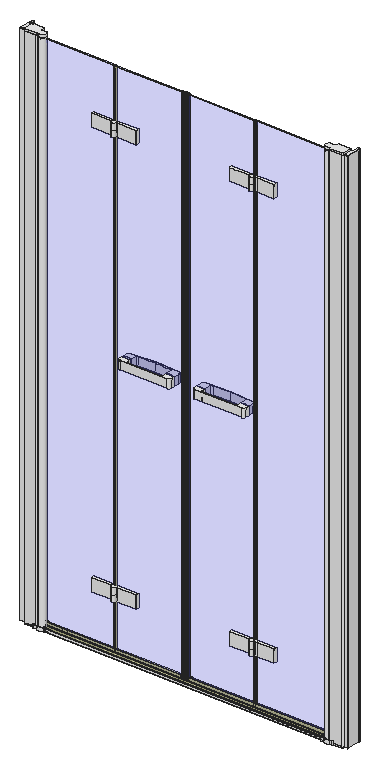
Revit family "SLF2", category Plumbing Fixtures, Revit 2015 (continued)
Automatic sketch dimensions
  Sweep 16 sketch curve to Sweep 16 sketch curve = 0.208 mm
  Sweep 16 sketch curve to Sweep 16 sketch curve = 0.836 mm
  Sweep 16 sketch curve to Sweep 16 sketch curve = 0.488 mm
  Sweep 16 sketch curve to Sweep 16 sketch curve = 0.362 mm
  Sweep 16 sketch curve to Sweep 16 sketch curve = 2.019 mm
  Sweep 16 sketch curve to Sweep 16 sketch curve = 0.053 mm
  Sweep 16 sketch curve to Sweep 16 sketch curve = 4.06 mm
  Sweep 16 sketch curve to Sweep 16 sketch curve = 0.003 mm
  Sweep 16 sketch curve to Sweep 16 sketch curve = 0.097 mm
  Sweep 16 sketch curve to Sweep 16 sketch curve = 0.236 mm
  Sweep 16 sketch curve to Sweep 16 sketch curve = 0.671 mm
  Sweep 16 sketch curve to Sweep 16 sketch curve = 1.008 mm
  Sweep 16 sketch curve to Sweep 16 sketch curve = 1.18 mm
  Sweep 16 sketch curve to Sweep 16 sketch curve = 0.32 mm
  Extrusion 19 sketch curve to plane 20 = 0 mm
  Extrusion 19 sketch curve to plane 22 = 249.88 mm
  Extrusion 19 sketch curve to plane 9 = 275.724 mm
  plane 13 to Extrusion 19 sketch curve = 0.761 mm
  Extrusion 19 sketch curve to plane 1 "Center (Front/Back)" = 21.9 mm  (x2)
  Extrusion 19 sketch curve to Extrusion 19 sketch curve = 6 mm  (x2)
  plane 20 to Extrusion 20 sketch curve = 272.261 mm
  Extrusion 20 sketch curve to plane 13 = 249.53 mm
  Extrusion 20 sketch curve to Extrusion 20 sketch curve = 6 mm
  Extrusion 20 sketch curve to plane 1 "Center (Front/Back)" = 21.9 mm
Nested families
  nested 1: "doorknob" at (-736.895, 18.9, 993), type "doorknob"
  nested 2: "left support" at (-1106.4, 3.2, 0), type "left support"
  nested 3: "button" at (-1138.856, 36.255, 97) x (0, 1, 0) z (0, 0, 1), type "button"
  nested 4: "button" at (-1138.856, 36.255, 1845.98) x (0, 1, 0) z (0, 0, 1), type "button"
  nested 5: "left support" at (-93.527, 3.142, 0) x (-1, 0, 0) z (0, 0, 1), type "left support"
  nested 6: "button" at (-51.5, 36.255, 97) x (0, 1, 0) z (0, 0, 1), type "button"
  nested 7: "button" at (-51.5, 36.255, 1845.98) x (0, 1, 0) z (0, 0, 1), type "button"
  nested 8: "doorknob" at (-463.679, 18.9, 993) x (-1, 0, 0) z (0, 0, 1), type "doorknob"
  nested 9: "button" at (-61.096, 36.255, 1854) x (0, 1, 0) z (0, 0, 1), type "button"
  nested 10: "button" at (-61.096, 36.255, 105) x (0, 1, 0) z (0, 0, 1), type "button"
  nested 11: "hinge" at (-853.175, 4.567, 193), type "hinge"
  nested 12: "hinge" at (-853.175, 4.567, 1716.239), type "hinge"
  nested 13: "hinge" at (-348.347, 4.567, 1716.239), type "hinge"
  nested 14: "hinge" at (-348.347, 4.4, 193.3), type "hinge"
Definition of nested family "doorknob"
  Parameters (values of type "doorknob")
    Material = none
  Reference planes
    plane 1 "Center (Front/Back)": y = 0
    plane 2: z = 0
    plane 3 "Center (Left/Right)": x = 0
  Forms (mm)
    Extrusion 1, solid, material <- "Material"
      sketch origin (0, 0, 0) x (1, 0, 0) y (0, 1, 0)
        loop
          line (-95.004, 18.555) -> (-95, 3.21) -> (-65, 3.218) -> (-65.005, 21.659)
          arc (-65.005, 21.659) -> (-63.721, 25.027) -> (-60.521, 26.686) r 5.058
          arc (-60.521, 26.686) -> (-30.304, 29.113) -> (0, 29.858) r 545.025
          arc (0, 29.858) -> (30.304, 29.113) -> (60.521, 26.686) r 545.025
          arc (60.521, 26.686) -> (63.716, 25.048) -> (65, 21.695) r 5.02
          line (65, 21.695) -> (65, 3.252) -> (95, 3.26) -> (94.996, 18.605)
          arc (94.996, 18.605) -> (92.548, 25.149) -> (86.408, 28.484) r 9.979
          arc (86.408, 28.484) -> (43.31, 33.019) -> (0, 34.526) r 618.535
          arc (0, 34.526) -> (-43.31, 33.019) -> (-86.408, 28.484) r 618.535
          arc (-86.408, 28.484) -> (-92.567, 25.13) -> (-95.004, 18.555) r 9.989
        loop
          line (65.001, -2.748) -> (65.004, -13.247)
          arc (65.004, -13.247) -> (63.54, -16.784) -> (60.004, -18.249) r 5.001
          line (60.004, -18.249) -> (-59.996, -18.281)
          arc (-59.996, -18.281) -> (-63.531, -16.818) -> (-64.996, -13.284) r 4.999
          line (-64.996, -13.284) -> (-64.999, -2.782) -> (-94.999, -2.79) -> (-94.996, -13.29)
          arc (-94.996, -13.29) -> (-92.066, -20.361) -> (-84.993, -23.288) r 9.997
          line (-84.993, -23.288) -> (85.007, -23.243)
          arc (85.007, -23.243) -> (92.076, -20.311) -> (95.004, -13.24) r 10.003
          line (95.004, -13.24) -> (95.001, -2.74) -> (65.001, -2.748)
      from -30 to 0
  Dimensions and locks
    aligned and locked: level to plane 2
Definition of nested family "left support"
  Parameters (values of type "left support")
    Material = none
  Reference planes
    plane 1 "Center (Front/Back)": y = 0
    plane 2: z = 0
    plane 3 "Center (Left/Right)": x = 0
  Forms (mm)
    Extrusion 1, solid, material <- "Material"
      sketch origin (0, 0, 0) x (1, 0, 0) y (0, 1, 0)
        loop
          arc (-9.131, 6.4) -> (-16.584, 3.298) -> (-24.428, 5.2) r 12.982
          line (-24.428, 5.2) -> (-29.716, 5.2) -> (-31.716, 3.2) -> (-42, 3.2)
          arc (-42, 3.2) -> (-41.063, 0.937) -> (-38.8, 0) r 3.2
          line (-38.8, 0) -> (-27.95, 0)
          arc (-27.95, 0) -> (-17.5, -2.995) -> (-7.05, 0) r 19.726
          line (-7.05, 0) -> (-0.556, 0)
          arc (-0.556, 0) -> (-0.163, 0.163) -> (0, 0.556) r 0.556
          line (0, 0.556) -> (0, 6.4) -> (-9.131, 6.4)
      from 0 to 11.2
    Extrusion 2, void
      sketch origin (0, 0, 0) x (0, 1, 0) y (0, 0, 1)
        loop
          arc (5.399, 11.2) -> (6.107, 10.907) -> (6.4, 10.199) r 1.001
          line (6.4, 10.199) -> (6.4, 11.2) -> (5.399, 11.2)
      from -75.994 to 23.855
    Extrusion 3, void
      sketch origin (0, 0, 0) x (1, 0, 0) y (0, 1, 0)
        loop
          arc (-9.131, 6.4) -> (-16.584, 3.298) -> (-24.428, 5.2) r 12.982
          line (-24.428, 5.2) -> (-30.115, 5.2)
          arc (-30.115, 5.2) -> (-17.608, -0.944) -> (-5, 4.992) r 16.074
          line (-5, 4.992) -> (-5, 6.4) -> (-9.131, 6.4)
      from 5.2 to 15.772
    Extrusion 4, solid, material <- "Material"
      sketch origin (0, 0, 0) x (0, 1, 0) y (0, 0, 1)
        loop
          arc (8.068, 4.771) -> (7.263, 5.1) -> (6.4, 5.2) r 3.205
          line (6.4, 5.2) -> (6.4, 0) -> (12.4, 0) -> (12.4, 1)
          arc (12.4, 1) -> (12.105, 2.1) -> (11.3, 2.905) r 2.2
          line (11.3, 2.905) -> (8.068, 4.771)
      from -9.131 to 0
    Extrusion 5, void
      sketch origin (0, 0, 0) x (1, 0, 0) y (0, 1, 0)
        loop
          arc (-9.131, 6.4) -> (-6.844, 9.127) -> (-5.445, 12.4) r 12.149
          line (-5.445, 12.4) -> (-9.131, 12.4) -> (-9.131, 6.4)
      from -11.975 to 24.567
  Cuts and joins
    Extrusion 2, Extrusion 3 cuts Extrusion 1
    Extrusion 5 cuts Extrusion 4
  Dimensions and locks
    aligned and locked: level to plane 2
Definition of nested family "button"
  Parameters (values of type "button")
    Material = none
  Reference planes
    plane 1 "Center (Front/Back)": y = 0
    plane 2: z = 0
    plane 3 "Center (Left/Right)": x = 0
  Forms (mm)
    Extrusion 1, solid, material <- "Material"
      sketch origin (-59.579, -26, 4000) x (-1, 0, 0) y (0, 0, 1)
        loop
          arc (-64.865, -4005.4) -> (-59.765, -4010.5) -> (-54.665, -4005.4) r 5.1
          line (-54.665, -4005.4) -> (-54.665, -3994.6)
          arc (-54.665, -3994.6) -> (-59.765, -3989.5) -> (-64.865, -3994.6) r 5.1
          line (-64.865, -3994.6) -> (-64.865, -4005.4)
      from 23 to 26
    Sweep 2, void
      path origin (-59.579, -26, 4000) x (-1, 0, 0) y (0, 0, 1)
        loop
          line (-64.865, -3994.6) -> (-64.865, -4005.4)
          arc (-64.865, -4005.4) -> (-59.765, -4010.5) -> (-54.665, -4005.4) r 5.1
          line (-54.665, -4005.4) -> (-54.665, -3994.6)
          arc (-54.665, -3994.6) -> (-59.765, -3989.5) -> (-64.865, -3994.6) r 5.1
      profile origin (5.287, -26, 0) x (0, 1, 0) y (-1, 0, 0)
        loop
          line (23, 1.17) -> (23, 0) -> (24.17, 0)
          arc (24.17, 0) -> (23.343, 0.343) -> (23, 1.17) r 1.17
  Cuts and joins
    Sweep 2 cuts Extrusion 1
  Dimensions and locks
    aligned and locked: level to plane 2
Definition of nested family "hinge"
  Parameters (values of type "hinge")
    Material = none
  Reference planes
    plane 1 "Center (Front/Back)": y = 0
    plane 2: z = 0
    plane 3 "Center (Left/Right)": x = 0
  Forms (mm)
    Extrusion 1, solid, material <- "Material"
      sketch origin (0, 0, 0) x (1, 0, 0) y (0, 1, 0)
        loop
          line (10.785, -0.019) -> (81.015, -0.019)
          arc (81.015, -0.019) -> (81.721, 0.274) -> (82.014, 0.981) r 1
          line (82.014, 0.981) -> (82.017, 11.481) -> (10.016, 11.5) -> (10.016, 9) -> (0.016, 9.003)
          arc (0.016, 9.003) -> (-8.981, 0.005) -> (0.016, -8.992) r 8.998
          arc (0.016, -8.992) -> (5.8, -6.887) -> (8.877, -1.557) r 8.998
          arc (8.877, -1.557) -> (9.543, -0.43) -> (10.785, -0.019) r 1.864
      from -0.3 to 44.7
    Extrusion 2, void
      sketch origin (0, 0, 0) x (1, 0, 0) y (0, 1, 0)
        loop
          line (10.016, -15.698) -> (10.016, 34) -> (-9.984, 34) -> (-9.984, -15.698) -> (10.016, -15.698)
      from -0.562 to 22.7
    Extrusion 3, solid, material <- "Material"
      sketch origin (0, 0, 0) x (-1, 0, 0) y (0, -1, 0)
        loop
          arc (10.785, 0.019) -> (9.543, 0.43) -> (8.877, 1.557) r 1.864
          arc (8.877, 1.557) -> (5.8, 6.887) -> (0.016, 8.992) r 8.998
          arc (0.016, 8.992) -> (-8.981, -0.005) -> (0.016, -9.003) r 8.998
          line (0.016, -9.003) -> (10.016, -9) -> (10.016, -11.5) -> (82.017, -11.481) -> (82.014, -0.981)
          arc (82.014, -0.981) -> (81.721, -0.274) -> (81.015, 0.019) r 1
          line (81.015, 0.019) -> (10.785, 0.019)
      from -0.3 to 44.7
    Extrusion 4, void
      sketch origin (0, 0, 0) x (1, 0, 0) y (0, 1, 0)
        loop
          line (-9.985, -25.88) -> (10.015, -25.88) -> (10.015, 36.482) -> (-9.985, 36.482) -> (-9.985, -25.88)
      from 22 to 250
    Revolve 5, solid, material <- "Material"
      sketch origin (0, 0, 22.3) x (1, 0, 0) y (0, 1, 0)
        loop
          line (60.098, 17.487) -> (60.098, 11.486) -> (63.106, 11.486) -> (63.106, 12.685) -> (67.777, 12.685) -> (72.579, 17.487) -> (60.098, 17.487)
        axis (60.098, 11.486) -> (60.098, 17.487)
      angle from 0 to 360
    Revolve 6, solid, material <- "Material"
      sketch origin (-30, 0, 22.3) x (1, 0, 0) y (0, 1, 0)
        loop
          line (60.098, 17.487) -> (60.098, 11.486) -> (63.106, 11.486) -> (63.106, 12.685) -> (67.777, 12.685) -> (72.579, 17.487) -> (60.098, 17.487)
        axis (60.098, 11.486) -> (60.098, 17.487)
      angle from 0 to 360
    Revolve 7, solid, material <- "Material"
      sketch origin (-90, 0, 22.3) x (1, 0, 0) y (0, 1, 0)
        loop
          line (60.098, 17.487) -> (60.098, 11.486) -> (63.106, 11.486) -> (63.106, 12.685) -> (67.777, 12.685) -> (72.579, 17.487) -> (60.098, 17.487)
        axis (60.098, 11.486) -> (60.098, 17.487)
      angle from 0 to 360
    Revolve 8, solid, material <- "Material"
      sketch origin (-120, 0, 22.3) x (1, 0, 0) y (0, 1, 0)
        loop
          line (60.098, 17.487) -> (60.098, 11.486) -> (63.106, 11.486) -> (63.106, 12.685) -> (67.777, 12.685) -> (72.579, 17.487) -> (60.098, 17.487)
        axis (60.098, 11.486) -> (60.098, 17.487)
      angle from 0 to 360
  Cuts and joins
    Extrusion 2 cuts Extrusion 1
    Extrusion 4 cuts Extrusion 3
  Dimensions and locks
    aligned and locked: level to plane 2
Types (5, lengths in mm): name | x | A
  (no name) | 257.143 | 1200
  1200 | 257.143 | 1200
  1400 | 300 | 1400
  1800 | 385.714 | 1800
  1600 | 342.857 | 1600
